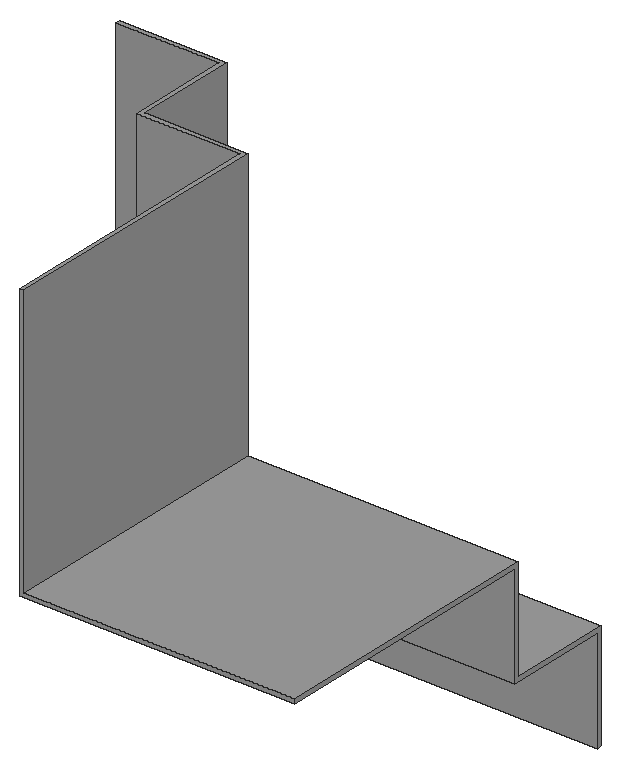
Revit family "Flashing_Preformed_Hyload_Type-W4", category Generic Models, Revit 2014
Parameters (values of type "As Specified")
  Unit Width = 0' - 7 1/8"
  Unit Height = 0' - 1 1/2"
  Unit Depth = 0' - 6"
  URL = "http://www.hyload.com/"
  Thickness = 0' - 0 1/16"
  Specification = "http://www.arcat.com/sdspecs/htm04/07_65_00hyl.htm"
  Sales Information = "http://www.hyload.com/contact-us"
  Revision = "R1_12-2015"
  Product Properties = "http://www.hyload.com/masonry-flashing/preformed-shapes/"
  Product Data = "http://www.arcat.com/arcatcos/cos33/arc33176.html"
  Model = "Type W4"
  Manufacturer Website = "http://www.hyload.com/"
  Manufacturer Phone - Toll Free = "800-457-4056"
  Manufacturer Phone = "330-769-3546"
  Manufacturer Fax = "330-769-4153"
  Manufacturer Address = "5020 Panther Pkwy., Seville, OH 44273"
  Manufacturer = "Hyload"
  Keynote = "07 65 00"
  Flashing Material = Hyload Flashing Membrane - Grey
  Drawn By = "Robert S. Weygant / Sumex Design"
  Description = "Preformed Hyload Masonry Flashing - Type W4"
  Copyright = "(c) ARCAT, Inc, 2015"
  Construction Details = "http://www.arcat.com/details/hyload/hyload.html?coid=33176"
  Assembly Code = "B3010400"
Reference planes (in)
  plane 1 "Center (Front/Back)": y = 0
  plane 2: z = 0
  plane 3 "Center (Left/Right)": x = 0
  plane 4: x = 5.5
  plane 5: z = 1.5
  plane 6: y = -1.5
  plane 7: z = 7
  plane 8: z = 3
  plane 9: y = -5.5
Forms (in)
  Sweep 1, solid, material "Hyload Flashing Membrane - Grey" <- "Flashing Material"
    path origin (0, 0, 0) x (1, 0, 0) y (0, 0, 1)
      loop
        line (5.5, 1.5) -> (0, 1.5) -> (0, 7)
    profile origin (2.75, 0, 1.5) x (0, 0, -1) y (0, -1, 0)
      loop
        line (0, 0) -> (0, 1.5) -> (-1.5, 1.5) -> (-1.5, 5.5) -> (-1.5625, 5.5) -> (-1.5625, 1.4375) -> (-0.0625, 1.4375) -> (-0.0625, -0.0625) -> (1.5, -0.0625) -> (1.5, 0) -> (0, 0)
Dimensions and locks (in)
  "Unit Height": plane 5 to level
  plane 1 "Center (Front/Back)" to plane 6 = 0' - 1 1/2"
  plane 7 to level = 0' - 7"
  plane 4 to plane 3 "Center (Left/Right)" = 0' - 5 1/2"
  "Thickness": Sweep 1 sketch curve to Sweep 1 sketch curve
  plane 8 to plane 5 = 0' - 1 1/2"
  "Thickness": Sweep 1 sketch curve to plane 6
  "Thickness": Sweep 1 sketch curve to plane 5
  "Thickness": Sweep 1 sketch curve to plane 1 "Center (Front/Back)"
  plane 6 to plane 9 = 0' - 4"
  aligned and locked: plane 2 to level
  aligned and locked: plane 3 "Center (Left/Right)" to Sweep 1 sketch curve
  aligned and locked: plane 5 to Sweep 1 sketch curve  (x2)
  aligned and locked: Sweep 1 sketch curve to plane 6
  aligned and locked: Sweep 1 sketch curve to level
  aligned and locked: plane 7 to Sweep 1 sketch curve
  aligned and locked: Sweep 1 sketch curve to plane 8
  aligned and locked: plane 9 to Sweep 1 sketch curve
Automatic sketch dimensions
  Sweep 1 sketch curve to plane 4 = 0' - 0"
  Sweep 1 sketch curve to plane 1 "Center (Front/Back)" = 0' - 0"
